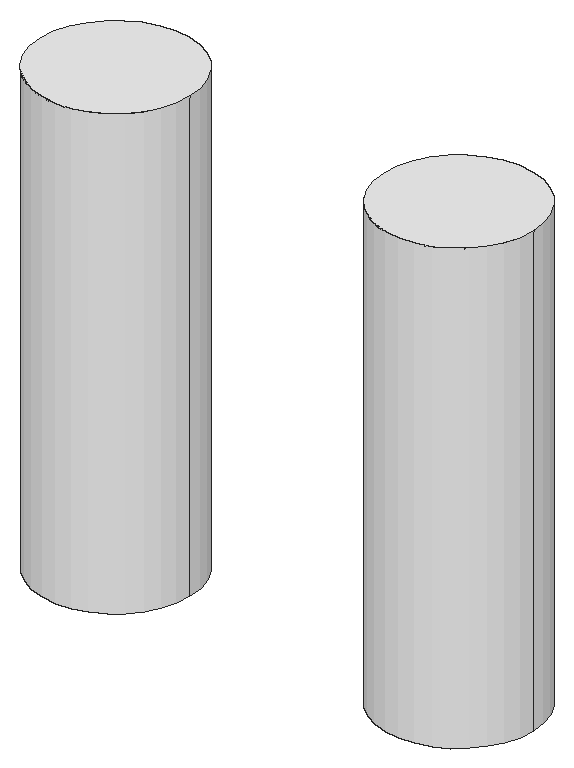
Revit family "93602219(2023)", category Plumbing Fixtures, Revit 2020
Family settings
  Round Connector Dimension = Use Diameter
  Part Type = Normal
  OmniClass Number = 23.45.55.00
  OmniClass Title = Sanitary Faucets, Wastes
  Work Plane-Based = No
  Always vertical = Yes
  Cut with Voids When Loaded = No
  Shared = No
  Room Calculation Point = No
Parameters (values of type "93602219 Washbasin faucet, 3 V, Bluetooth")
  Working Pressure = "100 - 1000 kPa"
  WarrantyStartDate [instance] = "n/a"
  WarrantyGuarantorParts = "n/a"
  WarrantyGuarantorLabor = "n/a"
  WarrantyDurationUnit = "Year"
  WarrantyDurationParts = "n/a"
  WarrantyDurationLabor = "n/a"
  WarrantyDescription = "http://warranty.hansa.com"
  Warranty Information URL = "http://warranty.hansa.com"
  VersionDate = "01/06/2023"
  Version = "1"
  ValvePattern = "n/a"
  ValveOperation = "n/a"
  ValveMechanism = "n/a"
  Uniclass2015Reference = "Pr_40_20_87_96"
  Uniclass2015Description = "Washbasin manual water supply sets"
  Uniclass2 = "Pr_40_30_96_96"
  URL WEEE = "http://static.hansa.com/WEEE/93602219"
  URL UWL = "http://static.hansa.com/UWL/93602219"
  URL REACH = "http://static.hansa.com/doc/reach"
  URL Materials Declaration = "http://www.hansa.com/fileadmin/resources/183277_93602219_materialsdeclaration.pdf"
  URL EcoLabel Declaration = "http://static.hansa.com/doc/EcoLabel"
  URL EU Packaging Declaration = "http://static.hansa.com/doc/packaging"
  URL Declaration of SCIP = "http://static.hansa.com/doc/SCIP"
  URL Declaration of Conformity = "http://static.hansa.com/DoC/93602219"
  URL Declaration of Asbestos = "http://static.hansa.com/doc/asbestos"
  URL Declaration Of Performance (DOP) = "http://static.hansa.com/doc/DoP"
  URL = ""
  UNSPSC Class Number = "30181700 Faucets or taps"
  Type Comments = ""
  TestPressure = "n/a"
  Temperature Adjustments = "Adjustable hot water stop (included, retrofittable)"
  Technical DataSheet URL = "http://www.hansa.com/datasheet/93602219/en"
  TagNumber [instance] = "n/a"
  SustainabilityPerformance = "n/a"
  Surface treatment = "Chrome"
  Spout Type = "Fixed spout"
  Spout Projection = "124 mm"
  Size = "70x170x190 mm"
  Shape = "Sculptured"
  SerialNumber [instance] = "n/a"
  Sales Package dimensions (LxWxH) = "568 x 182 x 78"
  Revision = "n/a"
  ReplacementCost = "n/a"
  Protection Class = "IP 55"
  ProductInformation = "n/a"
  Product URL = "http://static.hansa.com/93602219"
  Product Image URL = "http://static.hansa.com/image/93602219"
  Product Family = "HANSAELECTRA Safety"
  Product Code = "93602219"
  OperatingMechanismMaterial = "n/a"
  Operating Voltage = 39 V
  Operating Distance = "20-130 mm (110/130/160 mm)"
  NominalWidth = 68.942 mm
  NominalHeight = 190.012 mm
  NominalDepth = 167.912 mm
  Noise Class = "I (ISO 3822) "
  Name_en = "93602219 Washbasin faucet, 3 V, Bluetooth"
  Name = "93602219 Washbasin faucet, 3 V, Bluetooth"
  NBSReference = "45-35-70/371"
  NBSDescription = "Water supply fittings for wash basins and troughs"
  Mounting Holes = "1 hole"
  ModelReference = "93602219"
  ModelNumber = "n/a"
  Model = "93602219 Washbasin faucet, 3 V, Bluetooth"
  Mobile Product Information URL = "http://mpi.hansa.com/93602219"
  Mechanical Parts = "Mixing valve for manual temperature control;Non-return valve(s);Litter filter(s)"
  Max. Hot Water Supply = 70 °C
  Max Flow Period = "2 min (1 - 1800 s)"
  Material = "Brass"
  Market = "International;Finland;Germany;Austria;Switzerland;Belgium;Netherlands;Italy"
  ManufacturerURL = "http://www.hansa.com"
  ManufacturerName = "HANSA"
  Manufacturer = "HANSA"
  Long Marketing = "Electra 93 series give you a clean classic design with beautiful round body flowing into round spout design with a clear design line framing the faucet design.\nA Classic design with improved height for any installation.\n\nKey Features\nAerator with Tilt function +/- 10° for more flexible installation\nNewest Sensor technology for better detection and operation comfort\nBluetooth technology for easy adjustment to personalize settings \nAntiscalding protection\nTemperature measurement\nBattery and power cable"
  Lever Handle = "Temperature control handle"
  Keynote = ""
  InstallationDate [instance] = "n/a"
  Installation Type = "Deck mounted"
  InletConnectionSize = 10 mm
  IfcExportType = "FAUCET"  # constant formula
  IfcExportAs = "IfcValveType"  # constant formula
  Group = "Washbasin faucet"
  Grade = "n/a"
  FlowCoefficient = 0
  Flow Rate At 300kPa With Flow Controller = 0.09 L/s
  Flow Drawing URL = "http://static.hansa.com/flowchart/93602219"
  Finish = "Polished"
  Features = "Touchless;Battery-operated;External transformer;Bluetooth®"
  FaucetMainMaterial = Brass
  FDV Document URL = "http://www.hansa.com/datasheet/93602219/en/fdv"
  ExpectedLife = "n/a"
  Electronic Parts = ";Light indicated function(s);Low battery indicator"
  Electrical Connection = "9 V"
  ETIM Class Number = "EC010340 Electronic tap"
  EN Standard = "EN 15091"
  EMC Directive = "2014/53/EU , 2011/65/EU"
  EAN Number = "4057304019555"
  DurationUnit = "Year"
  Dimension Drawing URL = "http://static.hansa.com/dimdrw/93602219"
  Description = ""
  DefaultElevation [instance] = 900 mm
  Default Elevation = 0 mm
  Constituents = "n/a"
  Connection Size = "G3/8"
  Connection = "Flexible inlet pipes"
  Color = "Chrome"
  CodePerformance = "n/a"
  CloseOffRating = 0
  Catalog Drawing URL = "http://static.hansa.com/catdrw/93602219"
  CO2 Emissions (D) = -9.2
  CO2 Emissions (C4) = 0.35
  CO2 Emissions (C3) = 0.03
  CO2 Emissions (C2) = 0.02
  CO2 Emissions (C1) = 0
  CO2 Emissions (B7) = 430
  CO2 Emissions (A4) = 0.46
  CO2 Emissions (A1-A3) = 12.6
  Brand = "HANSA"
  BodyMaterial = "Brass"
  Bluetooth = "5.x (D060576)"
  Battery = "AA 1.5 V Lithium x 2"
  Barcode [instance] = "n/a"
  Backflow Prevention EN1717 = "AA"
  BIMObjectName = "93602219(2023)"
  Automatic Flush Period = "30 s (1-1800 s)"
  Automatic Flush Frequency = "off (off/1-120 h)"
  Author = "BIMStone"
  AssetType = "Fixed"
  AssetIdentifier [instance] = "n/a"
  Afterflow Period = "3 s (1-20 s)"
  Aerator = "PCA® - constant flow rate regardless of pressure variations;Adjustable flow angle"
  Advanced Features = "3S-installation system for safe and simple mounting"
  AccessibilityPerformance = "n/a"
  2D/3D/BIM Files URL = "http://static.hansa.com/bim/93602219"
Reference planes
  plane 1 "Center (Front/Back)": y = 0
  plane 2: z = 0
  plane 3 "Center (Left/Right)": x = 0
  plane 4: x = -27.96
  plane 5: z = 900
  plane 6: z = 870
  plane 7: y = -167.912
  plane 8: x = 27.96
  plane 9: z = 1090.012
  plane 10: x = 40.982
Forms (mm)
  Extrusion 1, solid, material "Brass" <- "FaucetMainMaterial"
    sketch origin (0, -2.393, 0) x (1, 0, 0) y (0, 1, 0)
      loop
        circle (-11.5, -22.5) r 5
      loop
        circle (11.5, -22.5) r 5
    from 870 to 900
Dimensions and locks
  "DefaultElevation": plane 5 to level
  locked: plane 5 to plane 6 at 30
  "NominalDepth": plane 7 to plane 1 "Center (Front/Back)"
  equal spacing: plane 4, plane 3 "Center (Left/Right)", plane 8
  "NominalHeight": plane 9 to plane 5
  locked: plane 8 to plane 10 at 13.022
  "NominalWidth": plane 4 to plane 10
  "InletConnectionSize": diameter of Extrusion 1 sketch curve  (x2)
  aligned and locked: level to plane 2
  aligned and locked: plane 5 to Extrusion 1
  aligned and locked: Extrusion 1 to plane 6
  aligned and locked: plane 1 "Center (Front/Back)" to nested 2
  aligned and locked: plane 3 "Center (Left/Right)" to nested 2
  aligned and locked: plane 3 "Center (Left/Right)" to nested 1
  aligned and locked: plane 1 "Center (Front/Back)" to nested 1
  aligned and locked: plane 5 to nested 2
Automatic sketch dimensions
  Extrusion 1 sketch curve to plane 3 "Center (Left/Right)" = 11.5 mm
  plane 3 "Center (Left/Right)" to Extrusion 1 sketch curve = 11.5 mm
  plane 1 "Center (Front/Back)" to Extrusion 1 sketch curve = 24.893 mm
  Extrusion 1 sketch curve to Extrusion 1 sketch curve = 0 mm
Nested families
  nested 1: "Symbol" at (0, 0, 0), type "Symbol", detail levels coarse
  nested 2: "93602219(2023)_Body" at (0, 0, 900), Material <- "FaucetMainMaterial", type "93602219(2023)_Body"
    with Material Brass
Connectors
  piping at (-11.5, -24.893, 870), diameter 10, driven by "InletConnectionSize"
    settings: on Extrusion 1, index 1, connector inside diameter 609.6 mm, connector length 0 mm, flow factor 0, pipe flow 0.2 L/s, pressure drop 0.0 Pa, fitting loss kfactor 0, connector angle 0.00°, fixture units 0, engagement length 0 mm, angle of deflection 0.00°, flow configuration 1, flow direction 1, fitting loss method 0, system type 19, joint type 0, gender type 0, connector reference index -1, connector utility 0, adjustable connector no, is connector primary yes, connector description ""
  piping at (11.5, -24.893, 870), diameter 10, driven by "InletConnectionSize"
    settings: on Extrusion 1, index 2, connector inside diameter 609.6 mm, connector length 0 mm, flow factor 0, pipe flow 0.2 L/s, pressure drop 0.0 Pa, fitting loss kfactor 0, connector angle 0.00°, fixture units 0, engagement length 0 mm, angle of deflection 0.00°, flow configuration 1, flow direction 1, fitting loss method 0, system type 20, joint type 0, gender type 0, connector reference index -1, connector utility 0, adjustable connector no, is connector primary no, connector description ""
Definition of nested family "Symbol"
  Reference planes
    plane 1: y = 0
    plane 2: x = 0
  Lines and regions (mm)
    detail lines
      curve 1: line (0, 0, 0) -> (0, -1.8, 0)
      curve 2: line (-0.4, -1.1, 0) -> (0.4, -1.1, 0)
      curve 3: line (-0.4, -1.4, 0) -> (0.4, -1.4, 0)
      curve 4: line (0.863, 0, 0) -> (-0.863, 0, 0)
      curve 5: circle (-1.163, 0, 0) r 0.3 normal (0, 0, -1)
      curve 6: circle (1.163, 0, 0) r 0.3 normal (0, 0, 1)
